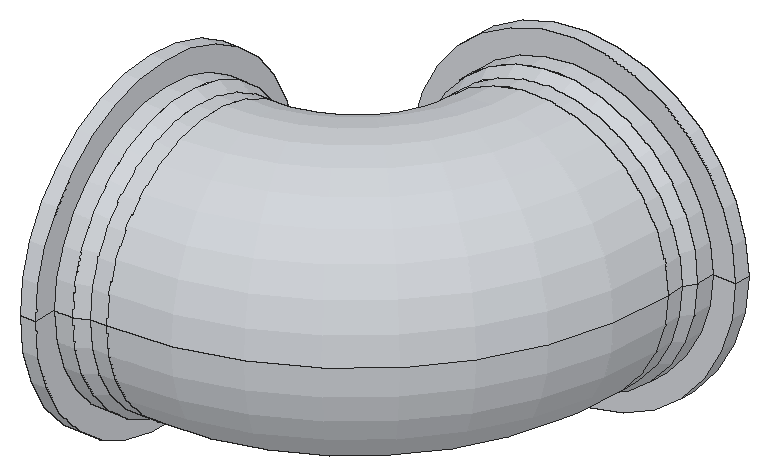
Revit family "0fcf1c7168474609af63a323767d9105", category Pipe Fittings, Revit 2021
Family settings
  Round Connector Dimension = Use Radius
  Part Type = Elbow
  OmniClass Number = 23.60.30.11.14
  OmniClass Title = Pipework Fittings
  Seek Item ID = Elbow - Threaded - MI - Class 300-0000-USA-ENU
  Work Plane-Based = No
  Always vertical = Yes
  Cut with Voids When Loaded = No
  Shared = No
Parameters (values of type "Standard")
  Tick Size [instance] = Fitting Outside Diameter * 0.4  # 12.8000"
  Socket Outside Radius [instance] = Socket Outside Diameter / 2  # 16.7500"
  Socket Outside Diameter [instance] = size_lookup(Lookup Table Name, "SOD", 1.08 * Nominal Diameter + 1.1200", Nominal Diameter)  # 33.5000"
  Socket Depth [instance] = if(Nominal Diameter < 14.0000", 2.5000", if(Nominal Diameter < 30.0000", 3.5000", 4.0000"))  # 4.0000"
  Lookup Table Name = "Bend - MJ - DI - Class 250"
  Length 5 [instance] = Length 4 + Bevel Length + Socket Depth  # 7.5000"
  Length 4 [instance] = if(Center to Socket Bottom < (Bevel Length + Length 1), 0.5000", Center to Socket Bottom - Bevel Length - Length 1)  # 2.0000"
  Length 3 [instance] = sin(Angle) * (Center to Socket Bottom + Socket Depth)  # 29.0000"
  Length 2 [instance] = cos(Angle) * (Center to Socket Bottom + Socket Depth)  # 0.0000"
  Length 1 [instance] = tan(Angle / 2) * Center Radius  # 21.5000"
  Fitting Outside Radius [instance] = Fitting Outside Diameter / 2  # 16.0000"
  Fitting Outside Diameter [instance] = size_lookup(Lookup Table Name, "FOD", 1.04 * Nominal Diameter + 0.7000", Nominal Diameter)  # 32.0000"
  Nominal Radius [instance] = 15.0000"
  Nominal Diameter [instance] = Nominal Radius * 2  # 30.0000"
  Loss Method = K Coefficient from Table
  K Coefficient Table = "Long Radius Elbow"
  Default Elevation = 0.0000"
  Bevel Length [instance] = size_lookup(Lookup Table Name, "BvLgt", 0.04 * Nominal Diameter + 0.4300", Nominal Diameter)  # 1.5000"
  Center to Socket Bottom [instance] = size_lookup(Lookup Table Name, "CtSB", Center to Socket Bottom Not Found, Nominal Diameter, Angle 1)  # 25.0000"
  Center to Socket Bottom Not Found [instance] = if(Nominal Diameter < 30.0000", tan(Angle / 2) * Center Radius + Bevel Length + 1.0000", tan(Angle / 2) * Center Radius + Bevel Length + 6.0000")  # 29.0000"
  Center Radius [instance] = size_lookup(Lookup Table Name, "CRad", 0.69 * Nominal Diameter + 1.8100", Nominal Diameter, Angle 1)  # 21.5000"
  Gland Width [instance] = size_lookup(Lookup Table Name, "GWid", 0.03 * Nominal Diameter + 0.9400", Nominal Diameter)  # 1.8100"
  Gland Outside Radius [instance] = Gland Outside Diameter / 2  # 19.5600"
  Gland Outside Diameter [instance] = size_lookup(Lookup Table Name, "GOD", 1.16 * Nominal Diameter + 4.0300", Nominal Diameter)  # 39.1200"
  Assembly Code = ""
  Angle 1 [instance] = if(or(Angle < 11.25°, Angle = 11.25°), 11.25°, if(or(Angle < 22.50°, Angle = 22.50°), 22.50°, if(or(Angle < 45.00°, Angle = 45.00°), 45.00°, Angle)))  # 90.00°
  Angle [instance] = 90.00°
Reference planes (in)
  plane 1 "Center (Front/Back)": y = 0
  plane 2: z = 0
  plane 3 "Center (Left/Right)": x = 0
  plane 4: x = -21.5
  plane 5: x = -23.5
  plane 6: y = 21.5
  plane 7: y = 12.8
  plane 8: y = -12.8
  plane 9: x = 0
  plane 10: y = 29
  plane 11: x = -29
  plane 12: x = -27.19
  plane 13: y = 19.56
  plane 14: y = 16.75
  plane 15: y = 16
  plane 16: x = -25
Forms (in)
  Revolve 1, solid, detail levels fine
    sketch origin (0, 29, 0) x (0, -1, 0) y (1, 0, 0)
      loop
        line (0, 0) -> (0, -19.56) -> (1.81, -19.56) -> (1.81, -16.75) -> (4, -16.75) -> (5.5, -16) -> (7.5, -16) -> (7.5, 0) -> (0, 0)
      axis (0, 0) -> (7.5, 0)
    angle from 0 to 360
  Revolve 2, solid, detail levels fine
    sketch origin (0, 0, 0) x (1, 0, 0) y (0, 1, 0)
      loop
        line (-29, 0) -> (-21.5, 0) -> (-21.5, 16) -> (-23.5, 16) -> (-25, 16.75) -> (-27.19, 16.75) -> (-27.19, 19.56) -> (-29, 19.56) -> (-29, 0)
      axis (-29, 0) -> (-21.5, 0)
    angle from 0 to 360
  Sweep 3, solid, detail levels fine
    path origin (0, 29, 0) x (0, -1, 0) y (1, 0, 0)
      loop
        arc (29, -21.5) -> (22.7028, -6.2972) -> (7.5, 0) r 21.5
    profile origin (-6.2972, 6.2972, 0) x (-0.707107, 0.707107, 0) y (0, 0, 1)
      loop
        circle (0, 0) r 16
  Sweep 4, solid, detail levels fine
    path in 3D
      loop
        arc (-21.5, 0, 0) -> (-6.2972, 6.2972, 0) -> (0, 21.5, 0) r 21.5
    profile origin (-6.2972, 6.2972, 0) x (-0.707107, 0.707107, 0) y (0, 0, 1)
      loop
        circle (0, 0) r 16
Cuts and joins
  joined: Revolve 1, Revolve 2, Sweep 3
Lines and regions (in)
  model lines, style "PipeFitting", detail levels coarse+medium
    curve 1: line (-29, 0, 0) -> (-21.5, 0, 0)
    curve 2: line (0, 21.5, 0) -> (0, 29, 0)
  model lines, detail levels coarse+medium
    curve 3: line (-29, 0, 0) -> (-29, 12.8, 0)
    curve 4: line (-29, 0, 0) -> (-29, -12.8, 0)
    curve 5: line (0, 29, 0) -> (-12.8, 29, 0)
    curve 6: line (0, 29, 0) -> (12.8, 29, 0)
    curve 8: arc (-21.5, 0, 0) -> (-6.2972, 6.2972, 0) -> (0, 21.5, 0) r 21.5
  reference lines, not visible
    curve 7: line (0, 29, 0) -> (0, 21.68528, 0)
  sketch lines
    curve 9: arc (-21.5, 0, 0) -> (-6.2972, 6.2972, 0) -> (0, 21.5, 0) r 21.5
Dimensions and locks (in)
  "Center Radius": plane 6 to plane 1 "Center (Front/Back)"
  "Tick Size": plane 7 to plane 1 "Center (Front/Back)"
  "Tick Size": plane 8 to plane 1 "Center (Front/Back)"
  "Tick Size": curve 5 to curve 5
  "Tick Size": curve 6 to curve 6
  "Socket Outside Radius": Revolve 1 sketch curve to Revolve 1 sketch curve
  "Gland Width": Revolve 1 sketch curve to Revolve 1 sketch curve
  "Fitting Outside Radius": Revolve 1 sketch curve to Revolve 1 sketch curve
  "Gland Outside Radius": Revolve 1 sketch curve to Revolve 1 sketch curve
  "Socket Depth": Revolve 1 sketch curve to Revolve 1 sketch curve
  "Length 1": plane 4 to plane 3 "Center (Left/Right)"
  "Length 3": plane 10 to plane 1 "Center (Front/Back)"
  "Gland Width": plane 11 to plane 12
  "Fitting Outside Radius": plane 15 to plane 1 "Center (Front/Back)"
  "Socket Outside Radius": plane 14 to plane 1 "Center (Front/Back)"
  "Gland Outside Radius": plane 13 to plane 1 "Center (Front/Back)"
  "Bevel Length": plane 16 to plane 5
  "Socket Depth": plane 11 to plane 16
  "Center to Socket Bottom": plane 16 to plane 3 "Center (Left/Right)"
  "Length 2": plane 3 "Center (Left/Right)" to plane 9
  "Length 5": Revolve 1 sketch curve to Revolve 1 sketch curve
  "Length 4": Revolve 1 sketch curve to Revolve 1 sketch curve
  "Length 5": curve 2 to curve 2
  "Fitting Outside Radius": radius of Sweep 3 sketch curve
  "Center Radius": radius of curve 8
  "Fitting Outside Radius": radius of Sweep 4 sketch curve
  "Angle": angle plane 1 "Center (Front/Back)" to curve 2
  locked: curve 6 to curve 2 (angle 90.00°)
  locked: curve 2 to curve 5 (angle 90.00°)
  "Angle": angle plane 10 to curve 7
  "Angle": angle curve 8 to curve 8
  aligned and locked: plane 7 to curve 3
  aligned and locked: plane 1 "Center (Front/Back)" to curve 4
  aligned and locked: plane 8 to curve 4
  aligned and locked: plane 9 to curve 7
  aligned and locked: plane 10 to curve 7
  aligned and locked: Revolve 1 sketch curve to curve 7
  aligned and locked: curve 4 to plane 11
  aligned and locked: Revolve 2 sketch curve to plane 13
  aligned and locked: plane 11 to Revolve 2 sketch curve
  aligned and locked: Revolve 2 sketch curve to plane 12
  aligned and locked: Revolve 2 sketch curve to plane 14
  aligned and locked: Revolve 2 sketch curve to plane 4
  aligned and locked: plane 16 to Revolve 2 sketch curve
  aligned and locked: plane 5 to Revolve 2 sketch curve
  aligned and locked: plane 15 to Revolve 2 sketch curve
  aligned and locked: plane 6 to Sweep 3 sketch curve
  aligned and locked: plane 4 to Sweep 3 sketch curve
  aligned and locked: cut or joined group of Revolve 1, Revolve 2, Sweep 3 to Sweep 3 sketch curve  (x2)
  aligned and locked: plane 2 to Sweep 3 sketch curve
  aligned and locked: plane 6 to curve 8
  aligned and locked: plane 4 to curve 8
  aligned and locked: plane 2 to Sweep 4 sketch curve
Automatic sketch dimensions
  curve 2 to plane 10 = 0.0000"
  plane 1 "Center (Front/Back)" to Revolve 2 sketch curve = 0.0000"  (x2)
  Revolve 2 sketch curve to plane 4 = 0.0000"
  Revolve 2 sketch curve to plane 11 = 0.7500"
  Revolve 1 sketch curve to curve 7 = 0.0000"  (x2)
  Revolve 1 sketch curve to Revolve 1 sketch curve = 1.0000"
  Revolve 1 sketch curve to Revolve 1 sketch curve = 0.78127"
  curve 1 to plane 4 = 0.0000"
  curve 5 to plane 9 = 0.0000"
  Sweep 3 sketch curve to curve 7 = 0.0000"
  Sweep 3 sketch curve to profile plane = 0.0000"
  Sweep 4 sketch curve to profile plane = 0.0000"
Connectors (in)
  piping at (-29, 0, 0), diameter 30, driven by "Angle", driven by "Nominal Radius"
    settings: on Revolve 2, index 1, connector inside diameter 3.0000", connector length 0.0000", flow factor 0, pipe flow 0 GPM, pressure drop 0.00 psi, fitting loss kfactor 0, connector angle 90.00°, fixture units 0, engagement length 0.0000", angle of deflection 0.00°, flow configuration 0, flow direction 0, fitting loss method 0, system type 28, joint type 0, gender type 0, connector reference index 2, connector utility 0, adjustable connector no, is connector primary yes, connector description ""
  piping at (0, 29, 0), diameter 30, driven by "Angle", driven by "Nominal Radius"
    settings: on Revolve 1, index 2, connector inside diameter 3.0000", connector length 0.0000", flow factor 0, pipe flow 0 GPM, pressure drop 0.00 psi, fitting loss kfactor 0, connector angle 90.00°, fixture units 0, engagement length 0.0000", angle of deflection 0.00°, flow configuration 0, flow direction 0, fitting loss method 0, system type 28, joint type 0, gender type 0, connector reference index 1, connector utility 0, adjustable connector no, is connector primary no, connector description ""
